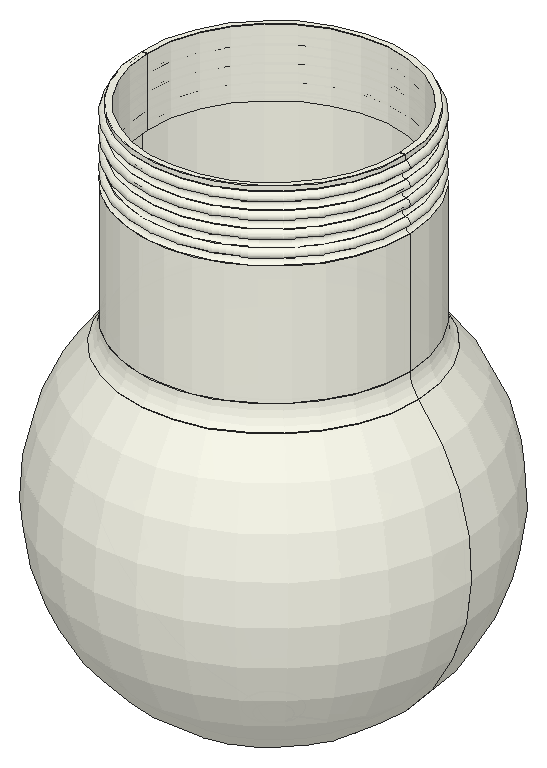
Revit family "BAF", category Generic Models, Revit 2024
Family settings
  Can host rebar = No
  Round Connector Dimension = Use Diameter
  Part Type = Normal
  Work Plane-Based = No
  Always vertical = Yes
  Cut with Voids When Loaded = No
  Maintain Annotation Orientation = No
  Shared = No
  Room Calculation Point = No
Parameters
  Default Elevation = 0' - 0"
Reference planes (in)
  plane 1 "Center (Front/Back)": y = 0
  plane 2: z = 0
  plane 3 "Center (Left/Right)": x = 0
Forms (in)
  Revolve 1, solid, material "OPAL"
    sketch origin (0, 0, 0) x (1, 0, 0) y (0, 0, 1)
      loop
        arc (2.031, 28.80429) -> (2.09861, 28.73926) -> (2.03359, 28.67165) r 0.06634
        arc (2.03359, 28.67165) -> (2.05186, 28.62023) -> (2.09863, 28.59212) r 0.08088
        line (2.09863, 28.59212) -> (2.09863, 26.69799)
        arc (2.09863, 26.69799) -> (2.13333, 26.51496) -> (2.23262, 26.35734) r 0.5
        arc (2.23262, 26.35734) -> (2.87032, 23.24802) -> (0.39948, 21.25567) r 3.05
        arc (0.39948, 21.25567) -> (0.35871, 21.24078) -> (0.32809, 21.21001) r 0.1
        arc (0.32809, 21.21001) -> (0.18726, 21.07753) -> (0, 21.02939) r 0.3883
        line (0, 21.02939) -> (0, 21.12314)
        arc (0, 21.12314) -> (0.14205, 21.15966) -> (0.24887, 21.26015) r 0.29455
        arc (0.24887, 21.26015) -> (0.3082, 21.31976) -> (0.3872, 21.34861) r 0.19375
        arc (0.3872, 21.34861) -> (2.78209, 23.27972) -> (2.164, 26.29347) r 2.95625
        arc (2.164, 26.29347) -> (2.04609, 26.48064) -> (2.00488, 26.69799) r 0.59375
        line (2.00488, 26.69799) -> (2.00488, 28.59212) -> (1.94058, 28.59212) -> (1.94058, 29.65599) -> (2.03434, 29.65599) -> (2.03302, 29.57847)
        arc (2.03302, 29.57847) -> (2.10064, 29.51344) -> (2.03561, 29.44583) r 0.06634
        arc (2.03561, 29.44583) -> (1.9729, 29.38422) -> (2.03337, 29.32041) r 0.06273
        arc (2.03337, 29.32041) -> (2.09964, 29.25469) -> (2.0346, 29.18776) r 0.06634
        arc (2.0346, 29.18776) -> (1.97188, 29.12615) -> (2.03236, 29.06235) r 0.06273
        arc (2.03236, 29.06235) -> (2.09862, 28.99663) -> (2.03359, 28.92969) r 0.06634
        arc (2.03359, 28.92969) -> (1.97207, 28.86572) -> (2.03604, 28.8042) r 0.06276
      axis (0, 29.65599) -> (0, 21.02939)
    angle from 0 to 360
Dimensions and locks (in)
  aligned and locked: plane 2 to level
